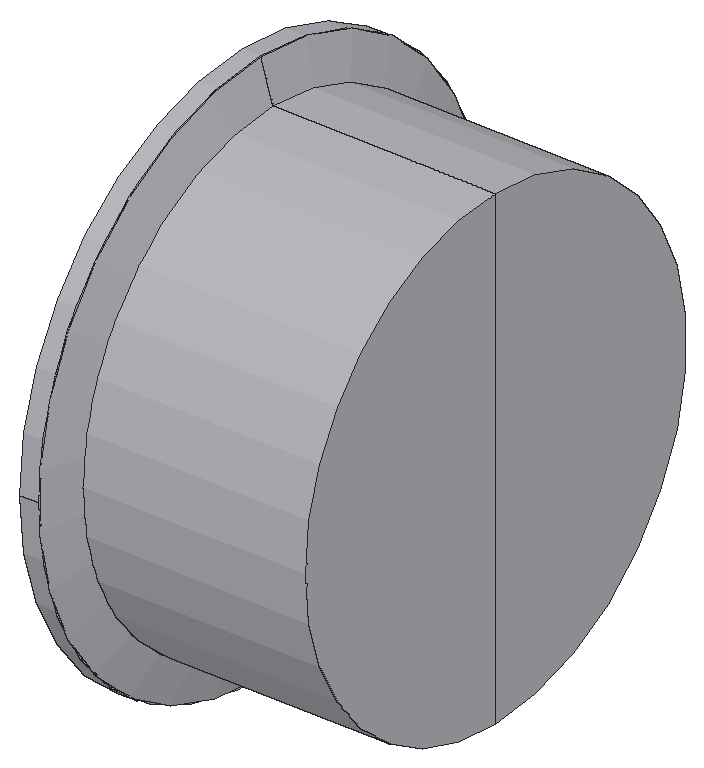
Revit family "14MPW Sanitary Tank Ferrule-316L", category Pipe Accessories, Revit 2018
Family settings
  Round Connector Dimension = Use Diameter
  Part Type = Normal
  Work Plane-Based = No
  Always vertical = Yes
  Cut with Voids When Loaded = No
  Shared = No
Parameters (values of type "14MPW Sanitary Tank Ferrule-316L")
  void1 [instance] = 0.021"  # constant formula
  pipe radius [instance] = Nominal Diameter / 2  # 2.000"
  Weight [instance] = size_lookup(LookupTable, "Weight", "NA", Nominal Diameter)  # "0.66 lbs."
  URL = "http://www.fnw.com"
  Standards Lookup Table = "Standards"  # constant formula
  R1 [instance] = size_lookup(LookupTable, "R1", 0.000", Nominal Diameter)  # 2.341"
  Product ID [instance] = size_lookup(LookupTable, "ProductID", "NA", Nominal Diameter)  # "4829772"
  Part Number [instance] = size_lookup(LookupTable, "PartNumber", "NA", Nominal Diameter)  # "G14MPW76P"
  Nominal Diameter [instance] = 4"
  LookupTable = "14MPW Sanitary Tank Ferrule-316L"  # constant formula
  FT1 [instance] = size_lookup(LookupTable, "FT1", 0.000", Nominal Diameter)  # 0.156"
  Description BOM [instance] = size_lookup(LookupTable, "Description_BOM", "NA", Nominal Diameter)  # "4 316L CLMPXBW HD TANK FERL #7"
  A [instance] = size_lookup(LookupTable, "A", 0.000", Nominal Diameter)  # 2.130"
Reference planes (in)
  plane 1 "Center (Front/Back)": y = 0
  plane 2: z = 0
  plane 3 "Center (Left/Right)": x = 0
  plane 4: z = 2
  plane 5: x = -1.065
  plane 6: x = 1.065
  plane 7: z = 2.341
  plane 8: x = -0.909
Forms (in)
  Extrusion 1, solid, material "Steel, Stainless"
    sketch origin (0, 0, 0) x (0, 1, 0) y (0, 0, 1)
      loop
        circle (0, 0) r 2
      loop
        circle (0, 0) r 2.341
    from -1.065 to -0.909
  Revolve 2, solid, material "Steel, Stainless"
    sketch origin (0, 0, 0) x (1, 0, 0) y (0, 0, 1)
      loop
        line (-0.80921, 2) -> (-0.909, 2.341) -> (-0.909, 0) -> (1.065, 0) -> (1.065, 2) -> (-0.80921, 2)
      axis (1.065, 0) -> (-0.909, 0)
    angle from 0 to 360
Text (in)
  text "1/2\" shown" at (2.42436, 0, -2.37906), in view "Front"
Dimensions and locks (in)
  equal spacing: plane 6, plane 3 "Center (Left/Right)", plane 5
  "A": plane 6 to plane 5
  "pipe radius": plane 4 to plane 2
  "R1": plane 7 to plane 2
  "FT1": plane 8 to plane 5
  "pipe radius": radius of Extrusion 1 sketch curve
  "R1": radius of Extrusion 1 sketch curve
  aligned and locked: plane 2 to level
  aligned and locked: Extrusion 1 to plane 5
  aligned and locked: Extrusion 1 to plane 8
  aligned and locked: Extrusion 1 to Revolve 2 sketch curve
  aligned and locked: plane 2 to Revolve 2 sketch curve
  aligned and locked: Revolve 2 sketch curve to plane 6
Automatic sketch dimensions
  Revolve 2 sketch curve to level = 0.000"
  Revolve 2 sketch curve to plane 7 = 0.000"
  Revolve 2 sketch curve to plane 5 = 0.33887"
  plane 8 to Revolve 2 sketch curve = 0.09979"
  plane 8 to Revolve 2 sketch curve = 0.15013"
  Revolve 2 sketch curve to plane 4 = 0.000"
  Extrusion 1 sketch curve to Extrusion 1 sketch curve = 0.000"  (x2)
  Extrusion 1 sketch curve to level = 0.000"
  Extrusion 1 sketch curve to plane 1 "Center (Front/Back)" = 0.000"
Connectors (in)
  piping at (-1.065, 0, 0), diameter 4, driven by "Nominal Diameter"
    settings: on Extrusion 1, index 1, connector inside diameter 24", connector length 0.000", flow factor 0, pipe flow 0 GPM, pressure drop 0.00 psi, fitting loss kfactor 0, connector angle 0.00°, fixture units 0, engagement length 0.000", angle of deflection 0.00°, flow configuration 0, flow direction 0, fitting loss method 0, system type 16, joint type 0, gender type 0, connector reference index -1, connector utility 0, adjustable connector no, is connector primary yes, connector description ""
  piping at (1.065, 0, 0), diameter 4, driven by "Nominal Diameter"
    settings: on Revolve 2, index 2, connector inside diameter 24", connector length 0.000", flow factor 0, pipe flow 0 GPM, pressure drop 0.00 psi, fitting loss kfactor 0, connector angle 0.00°, fixture units 0, engagement length 0.000", angle of deflection 0.00°, flow configuration 0, flow direction 0, fitting loss method 0, system type 16, joint type 0, gender type 0, connector reference index -1, connector utility 0, adjustable connector no, is connector primary no, connector description ""
